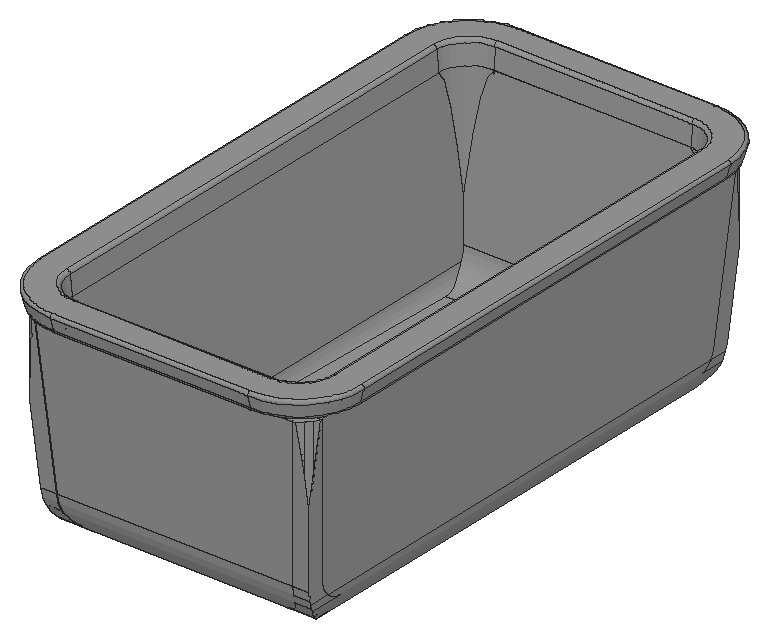
Revit family "Sink_Himacs_CS325R", category Plumbing Fixtures, Revit 2014
Parameters
  Youtube clip = ""
  Width = 202.7 mm
  Weight Net (Kg) = "3,7"
  Uniclass 2.0 Description = "Wash Basin Systems"
  Uniclass 2.0 Code = "SS-35-65-70-94"
  Uniclass 1.4 Description = "Washbasins"
  Uniclass 1.4 Code = "L7212"
  UNSPSC Code = "301815"
  Technical description = "http://himacs.eu/includes/pdf/LG_Hausys_sinks_technical_datasheet_2014.pdf"
  Region South America = "None"
  Region Oceania = "None"
  Region North America = "None"
  Region Middle East = "None"
  Region Europe = "AT, BE, BG, CH, CS, CY, CZ, DE, DK, EE, ES, FI, FR, GB, GR, HR, HU, IE, IT, LI, LT, LU, LV, MC, MT, NL, NO, PL, PT, RO, RS, SE, SK, UA"
  Region Asia = "None"
  Region Antarctica = "None"
  Region Africa = "None"
  QR code = "http://himacs.bimobject.com/CS325R"
  Product group = "Sinks"
  Product family = "Sinks, Baby Baths & Bowls"
  Product data url = "http://himacs.eu/product/cs325r"
  Product certification = ""
  Product SKU = "CS325R"
  Nominal width = "202"
  Nominal height = "144"
  NBS Reference Description = "Wash Basin Systems"
  NBS Reference Code = "35-65-70-94"
  Material Secondary = Steel_Himacs_CS325R_Polished
  Material Main = Natural Acrylic Stone_Himacs_CS325R_S201 Naugat Cream
  Manufacturer name = "HI-MACS"
  Manufacturer country = "Italy"
  Manufacturer URL = "http://himacs.eu/"
  Installation instructions = "http://himacs.eu/includes/pdf/HI-MACS_Shape-Installation_UK.pdf"
  IFC Classification = "Furnishing Element"
  Height = 144.3 mm
  Edition number = "1"
  EAN code = ""
  Design country = "Italy"
  Description = "HI-MACS@ Sinks are produced using a high-quality casting technique. No matter which product you choose from our extensive, eminently combinable selection, all sinks are flush-mounted into the countertop or installed below the surface. Special custom-made creations are also an option."
  Depth = 365 mm
  Date of publishing = "2014-10-09"
  COBIe Type Category = ""
  BIMobject category = "Sanitary"
Reference planes
  plane 1 "Center (Front/Back)": y = 0
  plane 2: z = 0
  plane 3 "Center (Left/Right)": x = 0
  plane 4: x = -101.35
  plane 5: x = 101.35
  plane 6: y = 182.5
  plane 7: y = -182.5
  plane 8: z = 144.3
Dimensions and locks
  equal spacing: plane 4, plane 3 "Center (Left/Right)", plane 5
  "Width": plane 4 to plane 5
  equal spacing: plane 6, plane 1 "Center (Front/Back)", plane 7
  "Depth": plane 6 to plane 7
  "Height": plane 8 to level
  aligned and locked: level to plane 2
Nested families
  nested 1: "CS325R" at (0, 0, 0), type "CS325R"
Definition of nested family "CS325R"
  Parameters (values of type "CS325R")
    Youtube clip = ""
    Width = 202.7 mm
    Weight Net (Kg) = "3,7"
    Uniclass 2.0 Description = "Wash Basin Systems"
    Uniclass 2.0 Code = "SS-35-65-70-94"
    Uniclass 1.4 Description = "Washbasins"
    Uniclass 1.4 Code = "L7212"
    UNSPSC Code = "301815"
    Technical description = "http://himacs.eu/includes/pdf/LG_Hausys_sinks_technical_datasheet_2014.pdf"
    Region South America = "None"
    Region Oceania = "None"
    Region North America = "None"
    Region Middle East = "None"
    Region Europe = "AT, BE, BG, CH, CS, CY, CZ, DE, DK, EE, ES, FI, FR, GB, GR, HR, HU, IE, IT, LI, LT, LU, LV, MC, MT, NL, NO, PL, PT, RO, RS, SE, SK, UA"
    Region Asia = "None"
    Region Antarctica = "None"
    Region Africa = "None"
    QR code = "http://himacs.bimobject.com/CS325R"
    Product group = "Sinks"
    Product family = "Sinks, Baby Baths & Bowls"
    Product data url = "http://himacs.eu/product/cs325r"
    Product certification = ""
    Product SKU = "CS325R"
    Nominal width = "202"
    Nominal height = "144"
    NBS Reference Description = "Wash Basin Systems"
    NBS Reference Code = "35-65-70-94"
    Material Secondary = Steel_Himacs_CS325R_Polished
    Material Main = Natural Acrylic Stone_Himacs_CS325R_S201 Naugat Cream
    Manufacturer name = "HI-MACS"
    Manufacturer country = "Italy"
    Manufacturer URL = "http://himacs.eu/"
    Installation instructions = "http://himacs.eu/includes/pdf/HI-MACS_Shape-Installation_UK.pdf"
    IFC Classification = "Furnishing Element"
    Height = 144.3 mm
    Edition number = "1"
    EAN code = ""
    Design country = "Italy"
    Description = "HI-MACS@ Sinks are produced using a high-quality casting technique. No matter which product you choose from our extensive, eminently combinable selection, all sinks are flush-mounted into the countertop or installed below the surface. Special custom-made creations are also an option."
    Depth = 365 mm
    Date of publishing = "2014-10-09"
    COBIe Type Category = ""
    BIMobject category = "Sanitary"
  Reference planes
    plane 1 "Center (Front/Back)": y = 0
    plane 2: z = 0
    plane 3 "Center (Left/Right)": x = 0
    plane 4: x = -101.35
    plane 5: x = 101.35
    plane 6: y = 182.5
    plane 7: y = -182.5
    plane 8: z = 144.3
    plane 9: z = 14
  Forms (mm)
    Sweep 1, solid, material "Natural Acrylic Stone_Himacs_CS325R_S201 Naugat Cream" <- "Material Main", detail levels fine
      path origin (0, 0, 0) x (1, 0, 0) y (0, 1, 0)
        loop
          arc (-61.35, 182.5) -> (-89.634, 170.784) -> (-101.35, 142.5) r 40
          line (-101.35, 142.5) -> (-101.35, -142.5)
          arc (-101.35, -142.5) -> (-89.634, -170.784) -> (-61.35, -182.5) r 40
          line (-61.35, -182.5) -> (61.35, -182.5)
          arc (61.35, -182.5) -> (89.634, -170.784) -> (101.35, -142.5) r 40
          line (101.35, -142.5) -> (101.35, 142.5)
          arc (101.35, 142.5) -> (89.634, 170.784) -> (61.35, 182.5) r 40
          line (61.35, 182.5) -> (-61.35, 182.5)
      profile origin (0, 182.5, 0) x (0, 1, 0) y (0, 0, 1)
        loop
          line (-1.679, 144.3) -> (-17.556, 144.3)
          arc (-17.556, 144.3) -> (-19.127, 143.689) -> (-19.873, 142.177) r 2.326
          line (-19.873, 142.177) -> (-20.944, 129.939) -> (-11.218, 129.939)
          arc (-11.218, 129.939) -> (-10.143, 132.12) -> (-7.877, 133.001) r 3.354
          line (-7.877, 133.001) -> (-4.024, 133.001)
          arc (-4.024, 133.001) -> (-2.806, 133.414) -> (-2.092, 134.483) r 2
          line (-2.092, 134.483) -> (-0.036, 142.158)
          arc (-0.036, 142.158) -> (-0.329, 143.634) -> (-1.679, 144.3) r 1.702
    Extrusion 2, void
      sketch origin (0, -121.354, 0) x (1, 0, 0) y (0, 1, 0)
        loop
          circle (0.004, 208.699) r 25
      from -4.639 to 24.113
    Revolve 3, solid, material "Steel_Himacs_CS325R_Polished" <- "Material Secondary", detail levels fine
      sketch origin (0.004, -41.65, 4.571) x (0, 0.999891, -0.014769) y (0, 0.014769, 0.999891)
        loop
          line (104.037, 12.01) -> (104.037, -1.853) -> (93.632, -1.853)
          arc (93.632, -1.853) -> (100.206, -3.323) -> (106.942, -3.332) r 30.851
          line (106.942, -3.332) -> (106.942, 10.126) -> (129.023, 10.126) -> (129.023, 12.888) -> (104.037, 12.888)
          arc (104.037, 12.888) -> (103.839, 13.35) -> (103.367, 13.526) r 0.639
          arc (103.367, 13.526) -> (97.293, 12.998) -> (91.276, 12.01) r 80.068
          line (91.276, 12.01) -> (104.037, 12.01)
        axis (129.023, 13.526) -> (129.023, -3.332)
      angle from 0 to 360
    Extrusion 4, void
      sketch origin (0.186, -28.702, 0) x (1, 0, 0) y (0, 1, 0)
        loop
          line (-22, 118.294) -> (-22, 115.713) -> (-2.928, 115.713) -> (-2.928, 118.294) -> (-22, 118.294)
        loop
          line (21.255, 118.294) -> (2.555, 118.294) -> (2.555, 115.713) -> (21.255, 115.713) -> (21.255, 118.294)
        loop
          line (1.104, 137.748) -> (-1.477, 137.748) -> (-1.477, 120.057) -> (1.104, 120.057) -> (1.104, 137.748)
        loop
          line (1.104, 94.582) -> (1.104, 114.262) -> (-1.477, 114.262) -> (-1.477, 94.582) -> (1.104, 94.582)
      from 3.617 to 19.093
    Extrusion 5, solid, material "Natural Acrylic Stone_Himacs_CS325R_S201 Naugat Cream" <- "Material Main", detail levels fine
      sketch origin (0, 0, 0) x (0, 1, 0) y (0, 0, 1)
        loop
          line (161.634, 129.939) -> (153.088, 32.254)
          arc (153.088, 32.254) -> (146.566, 19.152) -> (132.867, 14) r 20
          line (132.867, 14) -> (-133.807, 17.958)
          arc (-133.807, 17.958) -> (-147.131, 23.311) -> (-153.434, 36.213) r 20
          line (-153.434, 36.213) -> (-161.634, 129.939) -> (-171.272, 129.939) -> (-162.663, 31.542)
          arc (-162.663, 31.542) -> (-153.211, 12.191) -> (-133.229, 4.16) r 30
          line (-133.229, 4.16) -> (131.977, 0.167)
          arc (131.977, 0.167) -> (152.529, 7.893) -> (162.314, 27.549) r 30
          line (162.314, 27.549) -> (171.272, 129.939) -> (161.634, 129.939)
      from -101.35 to 101.35
    Extrusion 6, solid, material "Natural Acrylic Stone_Himacs_CS325R_S201 Naugat Cream" <- "Material Main", detail levels fine
      sketch origin (0, 0, 0) x (1, 0, 0) y (0, 0, 1)
        loop
          line (-80.421, 129.939) -> (-90.172, 129.939) -> (-82.712, 23.256)
          arc (-82.712, 23.256) -> (-74.823, 6.716) -> (-57.773, 0) r 25
          line (-57.773, 0) -> (57.773, 0)
          arc (57.773, 0) -> (74.823, 6.716) -> (82.712, 23.256) r 25
          line (82.712, 23.256) -> (90.172, 129.939) -> (80.407, 129.939) -> (72.996, 23.954)
          arc (72.996, 23.954) -> (68.263, 14.03) -> (58.033, 10) r 15
          line (58.033, 10) -> (-58.046, 10)
          arc (-58.046, 10) -> (-68.276, 14.03) -> (-73.01, 23.954) r 15
          line (-73.01, 23.954) -> (-80.421, 129.939)
      from -175.204 to 176.734
    Extrusion 7, void
      sketch origin (0, 0, 0) x (1, 0, 0) y (0, 0, 1)
        loop
          line (-90.735, 138) -> (-102.773, 138) -> (-102.773, -2) -> (-57.773, -2) -> (-57.773, 0)
          arc (-57.773, 0) -> (-74.823, 6.716) -> (-82.712, 23.256) r 25
          line (-82.712, 23.256) -> (-90.735, 138)
        loop
          line (57.773, 0) -> (57.773, -1.704) -> (103.601, -1.704) -> (103.601, 135.757) -> (90.579, 135.757) -> (82.712, 23.256)
          arc (82.712, 23.256) -> (74.823, 6.716) -> (57.773, 0) r 25
      from -185.451 to 182.153
    Extrusion 8, void
      sketch origin (0, 0, 0) x (0, 1, 0) y (0, 0, 1)
        loop
          arc (162.314, 27.549) -> (152.529, 7.893) -> (131.977, 0.167) r 30
          line (131.977, 0.167) -> (-133.229, 4.16)
          arc (-133.229, 4.16) -> (-153.211, 12.191) -> (-162.663, 31.542) r 30
          line (-162.663, 31.542) -> (-171.654, 134.3) -> (-182.5, 134.3) -> (-182.5, -5.7) -> (182.5, -5.7) -> (182.5, 134.3) -> (171.654, 134.3) -> (162.314, 27.549)
      from -94.473 to 105.577
    Extrusion 9, solid, material "Natural Acrylic Stone_Himacs_CS325R_S201 Naugat Cream" <- "Material Main", detail levels fine
      sketch origin (0, 0, 0) x (1, 0, 0) y (0, 1, 0)
        loop
          arc (-80.406, 142.5) -> (-74.825, 155.975) -> (-61.35, 161.556) r 19.056
          line (-61.35, 161.556) -> (-61.35, 162.556)
          arc (-61.35, 162.556) -> (-75.532, 156.682) -> (-81.406, 142.5) r 20.056
          line (-81.406, 142.5) -> (-80.406, 142.5)
        loop
          arc (61.35, 161.556) -> (74.825, 155.975) -> (80.406, 142.5) r 19.056
          line (80.406, 142.5) -> (81.406, 142.5)
          arc (81.406, 142.5) -> (75.532, 156.682) -> (61.35, 162.556) r 20.056
          line (61.35, 162.556) -> (61.35, 161.556)
        loop
          line (-80.406, -142.5) -> (-81.406, -142.5)
          arc (-81.406, -142.5) -> (-75.532, -156.682) -> (-61.35, -162.556) r 20.056
          line (-61.35, -162.556) -> (-61.35, -161.556)
          arc (-61.35, -161.556) -> (-74.825, -155.975) -> (-80.406, -142.5) r 19.056
        loop
          line (61.35, -161.556) -> (61.35, -162.556)
          arc (61.35, -162.556) -> (75.532, -156.682) -> (81.406, -142.5) r 20.056
          line (81.406, -142.5) -> (80.406, -142.5)
          arc (80.406, -142.5) -> (74.825, -155.975) -> (61.35, -161.556) r 19.056
      from 57.847 to 129.939
    Extrusion 10, solid, detail levels coarse
      sketch origin (0, 0, 0) x (1, 0, 0) y (0, 1, 0)
        loop
          line (-101.35, 142.5) -> (-101.35, -142.5)
          arc (-101.35, -142.5) -> (-89.634, -170.784) -> (-61.35, -182.5) r 40
          line (-61.35, -182.5) -> (61.35, -182.5)
          arc (61.35, -182.5) -> (89.634, -170.784) -> (101.35, -142.5) r 40
          line (101.35, -142.5) -> (101.35, 142.5)
          arc (101.35, 142.5) -> (89.634, 170.784) -> (61.35, 182.5) r 40
          line (61.35, 182.5) -> (-61.35, 182.5)
          arc (-61.35, 182.5) -> (-89.634, 170.784) -> (-101.35, 142.5) r 40
      from 0 to 159.641
    Sweep 11, solid, detail levels medium
      path origin (0, 0, 0) x (1, 0, 0) y (0, 1, 0)
        loop
          line (-101.35, 142.5) -> (-101.35, -142.5)
          arc (-101.35, -142.5) -> (-89.634, -170.784) -> (-61.35, -182.5) r 40
          line (-61.35, -182.5) -> (61.35, -182.5)
          arc (61.35, -182.5) -> (89.634, -170.784) -> (101.35, -142.5) r 40
          line (101.35, -142.5) -> (101.35, 142.5)
          arc (101.35, 142.5) -> (89.634, 170.784) -> (61.35, 182.5) r 40
          line (61.35, 182.5) -> (-61.35, 182.5)
          arc (-61.35, 182.5) -> (-89.634, 170.784) -> (-101.35, 142.5) r 40
      profile origin (-101.35, 0, 0) x (1, 0, 0) y (0, 0, 1)
        loop
          line (0, 0) -> (15, 0) -> (15, 150) -> (0, 150) -> (0, 0)
    Extrusion 12, solid, detail levels medium
      sketch origin (0, 0, 0) x (1, 0, 0) y (0, 1, 0)
        loop
          line (-86.35, 142.5) -> (-86.35, -142.5)
          arc (-86.35, -142.5) -> (-79.028, -160.178) -> (-61.35, -167.5) r 25
          line (-61.35, -167.5) -> (61.35, -167.5)
          arc (61.35, -167.5) -> (79.028, -160.178) -> (86.35, -142.5) r 25
          line (86.35, -142.5) -> (86.35, 142.5)
          arc (86.35, 142.5) -> (79.028, 160.178) -> (61.35, 167.5) r 25
          line (61.35, 167.5) -> (-61.35, 167.5)
          arc (-61.35, 167.5) -> (-79.028, 160.178) -> (-86.35, 142.5) r 25
      from 0 to 10
    Extrusion 13, void
      sketch origin (-3.75, 5.625, 0) x (1, 0, 0) y (0, 1, 0)
        loop
          line (-61.35, 171.282) -> (-61.35, 176.282) -> (-94.061, 176.282) -> (-94.061, 142.5) -> (-90.132, 142.5)
          arc (-90.132, 142.5) -> (-81.702, 162.852) -> (-61.35, 171.282) r 28.782
        loop
          arc (68.85, 171.282) -> (89.202, 162.852) -> (97.632, 142.5) r 28.782
          line (97.632, 142.5) -> (101.561, 142.5) -> (101.561, 176.282) -> (68.85, 176.282) -> (68.85, 171.282)
        loop
          arc (-61.35, -182.532) -> (-81.702, -174.102) -> (-90.132, -153.75) r 28.782
          line (-90.132, -153.75) -> (-94.061, -153.75) -> (-94.061, -187.532) -> (-61.35, -187.532) -> (-61.35, -182.532)
        loop
          line (68.85, -182.532) -> (68.85, -187.532) -> (101.561, -187.532) -> (101.561, -153.75) -> (97.632, -153.75)
          arc (97.632, -153.75) -> (89.202, -174.102) -> (68.85, -182.532) r 28.782
      from 60.974 to 138.743
  Cuts and joins
    Extrusion 2, Extrusion 7, Extrusion 13 cuts Extrusion 5
    Extrusion 7, Extrusion 8, Extrusion 13 cuts Extrusion 6
    Extrusion 4 cuts Revolve 3
  Lines and regions (mm)
    symbolic lines
      curve 1: line (-61.35, -182.5, 0) -> (61.35, -182.5, 0)
      curve 2: line (-101.35, 142.5, 0) -> (-101.35, -142.5, 0)
      curve 3: line (61.35, 182.5, 0) -> (-61.35, 182.5, 0)
      curve 4: line (101.35, -142.5, 0) -> (101.35, 142.5, 0)
      curve 5: arc (-101.35, 142.5, 0) -> (-89.634, 170.784, 0) -> (-61.35, 182.5, 0) r 40
      curve 6: arc (61.35, 182.5, 0) -> (89.634, 170.784, 0) -> (101.35, 142.5, 0) r 40
      curve 7: arc (-101.35, -142.5, 0) -> (-89.634, -170.784, 0) -> (-61.35, -182.5, 0) r 40
      curve 8: arc (61.35, -182.5, 0) -> (89.634, -170.784, 0) -> (101.35, -142.5, 0) r 40
      curve 17: spline (0.004, 125.279, 0) -> (9.774, 123.993, 0) -> (18.878, 120.222, 0) -> (26.696, 114.224, 0) -> (32.694, 106.408, 0) -> (36.465, 97.305, 0) -> (37.751, 87.536, 0) -> (36.465, 77.767, 0) -> (32.694, 68.665, 0) -> (26.696, 60.848, 0) -> (18.878, 54.85, 0) -> (9.774, 51.079, 0) -> (0.004, 49.793, 0)
      curve 18: spline (0.004, 49.793, 0) -> (-9.765, 51.079, 0) -> (-18.869, 54.85, 0) -> (-26.687, 60.848, 0) -> (-32.686, 68.665, 0) -> (-36.457, 77.767, 0) -> (-37.743, 87.536, 0) -> (-36.457, 97.305, 0) -> (-32.686, 106.408, 0) -> (-26.687, 114.224, 0) -> (-18.869, 120.222, 0) -> (-9.765, 123.993, 0) -> (0.004, 125.279, 0)
      curve 37: line (-99.652, 0, 144.3) -> (99.652, 0, 144.3)
      curve 38: line (-99.279, 0, 134.519) -> (-101.318, 0, 142.129)
      curve 39: line (-93.403, 0, 132.966) -> (-97.255, 0, 132.966)
      curve 40: line (-90.173, 0, 129.953) -> (-82.712, 0, 23.256)
      curve 41: arc (-82.712, 0, 23.256) -> (-75.957, 0, 7.844) -> (-60.964, 0, 0.204) r 25
      curve 42: arc (-97.255, 0, 132.966) -> (-98.53, 0, 133.399) -> (-99.279, 0, 134.519) r 2.096
      curve 43: arc (-101.318, 0, 142.129) -> (-101.02, 0, 143.625) -> (-99.652, 0, 144.3) r 1.724
      curve 44: arc (-90.173, 0, 129.953) -> (-91.195, 0, 132.096) -> (-93.403, 0, 132.966) r 3.238
      curve 45: line (99.279, 0, 134.519) -> (101.318, 0, 142.129)
      curve 46: line (93.403, 0, 132.966) -> (97.255, 0, 132.966)
      curve 47: line (90.173, 0, 129.953) -> (82.712, 0, 23.256)
      curve 48: arc (82.712, 0, 23.256) -> (75.957, 0, 7.844) -> (60.964, 0, 0.204) r 25
      curve 49: arc (97.255, 0, 132.966) -> (98.53, 0, 133.399) -> (99.279, 0, 134.519) r 2.096
      curve 50: arc (101.318, 0, 142.129) -> (101.02, 0, 143.625) -> (99.652, 0, 144.3) r 1.724
      curve 51: arc (90.173, 0, 129.953) -> (91.195, 0, 132.096) -> (93.403, 0, 132.966) r 3.238
      curve 52: line (-60.964, 0, 0.204) -> (60.964, 0, 0.204)
      curve 54: line (0, 180.792, 144.3) -> (0, -180.792, 144.3)
      curve 55: line (0, 180.463, 134.638) -> (0, 182.467, 142.116)
      curve 56: line (0, 174.64, 133.018) -> (0, 178.352, 133.018)
      curve 57: line (0, 171.282, 129.94) -> (0, 162.13, 25.339)
      curve 58: arc (0, 162.13, 25.339) -> (0, 151.716, 7.167) -> (0, 131.977, 0.167) r 30.144
      curve 59: line (0, 131.977, 0.167) -> (0, -133.229, 4.16)
      curve 60: arc (0, -133.229, 4.16) -> (0, -153.211, 12.191) -> (0, -162.663, 31.542) r 30
      curve 61: line (0, -162.663, 31.542) -> (0, -171.272, 129.941)
      curve 62: arc (0, 182.467, 142.116) -> (0, 182.168, 143.621) -> (0, 180.792, 144.3) r 1.735
      curve 63: arc (0, 178.352, 133.018) -> (0, 179.683, 133.469) -> (0, 180.463, 134.638) r 2.186
      curve 64: arc (0, 171.282, 129.94) -> (0, 172.363, 132.132) -> (0, 174.64, 133.018) r 3.371
      curve 65: line (0, -180.463, 134.638) -> (0, -182.467, 142.116)
      curve 66: line (0, -174.64, 133.018) -> (0, -178.352, 133.018)
      curve 67: arc (0, -182.467, 142.116) -> (0, -182.168, 143.621) -> (0, -180.792, 144.3) r 1.735
      curve 68: arc (0, -178.352, 133.018) -> (0, -179.683, 133.469) -> (0, -180.463, 134.638) r 2.186
      curve 69: arc (0, -171.282, 129.94) -> (0, -172.363, 132.132) -> (0, -174.64, 133.018) r 3.371
    symbolic lines, detail levels medium+fine
      curve 9: line (61.35, 162.5, 0) -> (-61.35, 162.5, 0)
      curve 10: arc (-61.35, 162.5, 0) -> (-75.492, 156.642, 0) -> (-81.35, 142.5, 0) r 20
      curve 11: line (-81.35, 142.5, 0) -> (-81.35, -142.5, 0)
      curve 12: arc (-81.35, -142.5, 0) -> (-75.492, -156.642, 0) -> (-61.35, -162.5, 0) r 20
      curve 13: line (-61.35, -162.5, 0) -> (61.35, -162.5, 0)
      curve 14: arc (61.35, -162.5, 0) -> (75.492, -156.642, 0) -> (81.35, -142.5, 0) r 20
      curve 15: line (81.35, -142.5, 0) -> (81.35, 142.5, 0)
      curve 16: arc (81.35, 142.5, 0) -> (75.492, 156.642, 0) -> (61.35, 162.5, 0) r 20
      curve 19: arc (25.004, 87.345, 0) -> (0.004, 112.345, 0) -> (-24.996, 87.345, 0) r 25
      curve 20: arc (-24.996, 87.345, 0) -> (0.004, 62.345, 0) -> (25.004, 87.345, 0) r 25
      curve 53: line (-93.403, 0, 132.966) -> (93.403, 0, 132.966)
      curve 70: line (0, 174.64, 133.018) -> (0, -174.64, 133.018)
    symbolic lines, detail levels fine
      curve 21: line (-21.814, 89.593, 0) -> (-2.742, 89.593, 0)
      curve 22: line (-2.742, 89.593, 0) -> (-2.742, 87.011, 0)
      curve 23: line (-2.742, 87.011, 0) -> (-21.814, 87.011, 0)
      curve 24: line (-21.814, 87.011, 0) -> (-21.814, 89.593, 0)
      curve 25: line (1.29, 91.356, 0) -> (1.29, 109.046, 0)
      curve 26: line (1.29, 109.046, 0) -> (-1.292, 109.046, 0)
      curve 27: line (-1.292, 109.046, 0) -> (-1.292, 91.356, 0)
      curve 28: line (-1.292, 91.356, 0) -> (1.29, 91.356, 0)
      curve 29: line (1.29, 65.88, 0) -> (1.29, 85.56, 0)
      curve 30: line (1.29, 85.56, 0) -> (-1.292, 85.56, 0)
      curve 31: line (-1.292, 85.56, 0) -> (-1.292, 65.88, 0)
      curve 32: line (-1.292, 65.88, 0) -> (1.29, 65.88, 0)
      curve 33: line (2.74, 87.011, 0) -> (21.44, 87.011, 0)
      curve 34: line (2.74, 89.593, 0) -> (2.74, 87.011, 0)
      curve 35: line (21.44, 89.593, 0) -> (2.74, 89.593, 0)
      curve 36: line (21.44, 87.011, 0) -> (21.44, 89.593, 0)
  Dimensions and locks
    equal spacing: plane 4, plane 3 "Center (Left/Right)", plane 5
    "Width": plane 4 to plane 5
    equal spacing: plane 6, plane 1 "Center (Front/Back)", plane 7
    "Depth": plane 6 to plane 7
    "Height": plane 8 to level
    aligned and locked: level to plane 2
  Automatic sketch dimensions
    Sweep 1 sketch curve to plane 4 = 0 mm
    Sweep 1 sketch curve to plane 7 = 0 mm
    Sweep 1 sketch curve to plane 6 = 0 mm
    Sweep 1 sketch curve to plane 5 = 0 mm
    plane 3 "Center (Left/Right)" to Extrusion 2 sketch curve = 0.004 mm
    Extrusion 4 sketch curve to plane 3 "Center (Left/Right)" = 21.814 mm
    Extrusion 4 sketch curve to plane 3 "Center (Left/Right)" = 2.742 mm
    Extrusion 4 sketch curve to plane 3 "Center (Left/Right)" = 1.292 mm  (x2)
    plane 3 "Center (Left/Right)" to Extrusion 4 sketch curve = 1.29 mm  (x2)
    Extrusion 4 sketch curve to Extrusion 4 sketch curve = 1.451 mm  (x3)
    Extrusion 4 sketch curve to Extrusion 4 sketch curve = 18.7 mm
    Extrusion 4 sketch curve to Extrusion 4 sketch curve = 19.68 mm
    Extrusion 4 sketch curve to Extrusion 4 sketch curve = 2.582 mm  (x2)
    Extrusion 4 sketch curve to Extrusion 4 sketch curve = 1.763 mm
    Extrusion 4 sketch curve to Extrusion 4 sketch curve = 17.691 mm
    Extrusion 2 sketch curve to plane 1 "Center (Front/Back)" = 87.345 mm
    Extrusion 4 sketch curve to plane 1 "Center (Front/Back)" = 65.88 mm
    plane 4 to Sweep 1 sketch curve = 40 mm  (x2)
    Sweep 1 sketch curve to plane 5 = 40 mm
    Sweep 1 sketch curve to Sweep 1 sketch curve = 40 mm
    Extrusion 6 sketch curve to Extrusion 6 sketch curve = 0.26 mm
    Extrusion 6 sketch curve to Extrusion 6 sketch curve = 0 mm
    Extrusion 6 sketch curve to level = 0 mm
    plane 4 to Extrusion 6 sketch curve = 11.178 mm
    plane 4 to Extrusion 6 sketch curve = 18.638 mm
    Extrusion 6 sketch curve to Extrusion 6 sketch curve = 9.751 mm
    Extrusion 6 sketch curve to Extrusion 6 sketch curve = 9.702 mm
    Extrusion 6 sketch curve to Extrusion 6 sketch curve = 15.237 mm
    Extrusion 6 sketch curve to Extrusion 6 sketch curve = 0.273 mm
    Extrusion 6 sketch curve to plane 5 = 43.577 mm
    Extrusion 6 sketch curve to Extrusion 6 sketch curve = 14.963 mm
    Extrusion 6 sketch curve to Extrusion 6 sketch curve = 9.716 mm
    level to Extrusion 6 sketch curve = 10 mm
    level to Extrusion 6 sketch curve = 23.256 mm  (x2)
    Extrusion 6 sketch curve to Extrusion 6 sketch curve = 0.698 mm
    Extrusion 6 sketch curve to plane 8 = 14.361 mm  (x2)
    Extrusion 6 sketch curve to plane 5 = 20.943 mm
    Extrusion 6 sketch curve to Extrusion 6 sketch curve = 9.764 mm
    profile plane to Sweep 1 sketch curve = 19.873 mm
    Sweep 1 sketch curve to Sweep 1 sketch curve = 2.317 mm
    Sweep 1 sketch curve to Sweep 1 sketch curve = 3.853 mm
    Sweep 1 sketch curve to Sweep 1 sketch curve = 1.932 mm
    profile plane to Sweep 1 sketch curve = 1.679 mm
    profile plane to Sweep 1 sketch curve = 0.036 mm
    plane 9 to Sweep 1 sketch curve = 115.647 mm
    Sweep 1 sketch curve to Sweep 1 sketch curve = 1.482 mm
    Sweep 1 sketch curve to Sweep 1 sketch curve = 8.973 mm
    Sweep 1 sketch curve to Sweep 1 sketch curve = 7.675 mm
    Sweep 1 sketch curve to Sweep 1 sketch curve = 0.203 mm
    Sweep 1 sketch curve to Sweep 1 sketch curve = 1.071 mm
    Sweep 1 sketch curve to Sweep 1 sketch curve = 9.726 mm
    Sweep 1 sketch curve to Sweep 1 sketch curve = 3.341 mm
    Sweep 1 sketch curve to Sweep 1 sketch curve = 0.292 mm
    Extrusion 5 sketch curve to Extrusion 5 sketch curve = 9.229 mm
    level to Extrusion 5 sketch curve = 17.958 mm
    Extrusion 5 sketch curve to Extrusion 5 sketch curve = 19.627 mm
    Extrusion 5 sketch curve to Extrusion 5 sketch curve = 19.924 mm  (x2)
    level to Extrusion 5 sketch curve = 4.16 mm
    Extrusion 5 sketch curve to Extrusion 5 sketch curve = 0.578 mm
    Extrusion 5 sketch curve to Extrusion 5 sketch curve = 0.733 mm
    level to Extrusion 5 sketch curve = 0.167 mm
    Extrusion 5 sketch curve to Extrusion 5 sketch curve = 0.452 mm
    level to Extrusion 5 sketch curve = 14 mm
    Extrusion 5 sketch curve to Extrusion 5 sketch curve = 0.891 mm
    Extrusion 5 sketch curve to Extrusion 5 sketch curve = 0.736 mm
    level to Extrusion 5 sketch curve = 27.549 mm
    Extrusion 5 sketch curve to Extrusion 5 sketch curve = 13.583 mm
    Extrusion 5 sketch curve to Extrusion 5 sketch curve = 4.705 mm
    Extrusion 5 sketch curve to Extrusion 5 sketch curve = 4.671 mm
    Extrusion 5 sketch curve to plane 8 = 14.361 mm  (x2)
    Extrusion 7 sketch curve to level = 0 mm  (x2)
    Extrusion 7 sketch curve to plane 4 = 1.423 mm
    Extrusion 7 sketch curve to level = 2 mm
    Extrusion 7 sketch curve to level = 1.704 mm
    plane 5 to Extrusion 7 sketch curve = 2.251 mm
    level to Extrusion 7 sketch curve = 23.256 mm  (x2)
    Extrusion 7 sketch curve to plane 8 = 6.3 mm
    Extrusion 7 sketch curve to plane 8 = 8.543 mm
    Extrusion 8 sketch curve to plane 7 = 0 mm
    Extrusion 8 sketch curve to plane 6 = 0 mm
    level to Extrusion 8 sketch curve = 4.16 mm
    Extrusion 8 sketch curve to Extrusion 8 sketch curve = 0.452 mm  (x2)
    level to Extrusion 8 sketch curve = 0.167 mm
    Extrusion 8 sketch curve to level = 5.7 mm
    level to Extrusion 8 sketch curve = 27.549 mm
    level to Extrusion 8 sketch curve = 31.542 mm
    Extrusion 8 sketch curve to plane 8 = 10 mm  (x2)
    level to Revolve 3 sketch curve = 15.232 mm
    Revolve 3 sketch curve to plane 1 "Center (Front/Back)" = 49.793 mm
    Revolve 3 sketch curve to Revolve 3 sketch curve = 2.357 mm
    Revolve 3 sketch curve to Revolve 3 sketch curve = 0.217 mm
    Revolve 3 sketch curve to Revolve 3 sketch curve = 10.404 mm
    Revolve 3 sketch curve to Revolve 3 sketch curve = 2.906 mm
    Revolve 3 sketch curve to Revolve 3 sketch curve = 0.31 mm
    Revolve 3 sketch curve to Revolve 3 sketch curve = 22.08 mm
    Revolve 3 sketch curve to Revolve 3 sketch curve = 1.884 mm
    Revolve 3 sketch curve to Revolve 3 sketch curve = 11.979 mm
    Revolve 3 sketch curve to Revolve 3 sketch curve = 1.48 mm
    Revolve 3 sketch curve to Revolve 3 sketch curve = 2.762 mm
    Revolve 3 sketch curve to Revolve 3 sketch curve = 0.031 mm
    Revolve 3 sketch curve to Revolve 3 sketch curve = 0 mm  (x2)
    Revolve 3 sketch curve to Revolve 3 sketch curve = 0.639 mm
    Revolve 3 sketch curve to Revolve 3 sketch curve = 0.447 mm
    Revolve 3 sketch curve to Revolve 3 sketch curve = 1.397 mm
    curve 5 to curve 10 = 0 mm  (x4)
    curve 6 to curve 16 = 0 mm  (x4)
    curve 7 to curve 12 = 0 mm  (x4)
    curve 8 to curve 14 = 0 mm  (x3)
    curve 3 to plane 6 = 0 mm
    curve 12 to curve 12 = 20 mm
    curve 17 to plane 3 "Center (Left/Right)" = 37.743 mm
    curve 18 to curve 17 = 0 mm
    plane 3 "Center (Left/Right)" to curve 17 = 0.004 mm
    curve 18 to plane 1 "Center (Front/Back)" = 49.793 mm
    curve 18 to curve 17 = 37.743 mm
    plane 3 "Center (Left/Right)" to curve 20 = 0.004 mm
    curve 20 to curve 17 = 0.191 mm
    curve 17 to curve 20 = 12.747 mm
    curve 19 to curve 23 = 3.181 mm
    curve 23 to plane 3 "Center (Left/Right)" = 2.742 mm
    curve 23 to curve 19 = 0.334 mm
    curve 22 to curve 22 = 2.582 mm
    plane 3 "Center (Left/Right)" to curve 26 = 1.29 mm
    curve 25 to curve 17 = 16.233 mm
    curve 26 to plane 3 "Center (Left/Right)" = 1.292 mm
    curve 21 to curve 27 = 1.763 mm
    plane 3 "Center (Left/Right)" to curve 30 = 1.29 mm
    curve 30 to curve 20 = 1.785 mm
    curve 30 to plane 3 "Center (Left/Right)" = 1.292 mm
    curve 17 to curve 29 = 16.087 mm
    curve 29 to curve 33 = 1.451 mm  (x2)
    curve 33 to curve 20 = 3.564 mm
    curve 34 to curve 25 = 1.763 mm
    curve 5 to plane 4 = 0 mm
    Extrusion 5 sketch curve to plane 6 = 50.523 mm
    Extrusion 5 sketch curve to Extrusion 5 sketch curve = 9.226 mm
    Extrusion 5 sketch curve to plane 6 = 20.866 mm
    Extrusion 5 sketch curve to Extrusion 5 sketch curve = 9.638 mm  (x2)
    Extrusion 8 sketch curve to plane 6 = 50.523 mm
    Extrusion 8 sketch curve to plane 6 = 20.186 mm
    Extrusion 8 sketch curve to Extrusion 8 sketch curve = 10.846 mm
    Extrusion 9 sketch curve to plane 6 = 40 mm  (x2)
    curve 1 to plane 7 = 0 mm
    plane 7 to Extrusion 5 sketch curve = 49.722 mm
    plane 7 to Extrusion 5 sketch curve = 20.866 mm
    plane 7 to Extrusion 8 sketch curve = 10.846 mm
    plane 7 to Extrusion 8 sketch curve = 19.837 mm
    Extrusion 8 sketch curve to Extrusion 8 sketch curve = 29.434 mm
    plane 7 to Extrusion 9 sketch curve = 40 mm  (x2)
    curve 6 to plane 5 = 0 mm
    curve 6 to curve 15 = 20 mm
    curve 14 to curve 14 = 20 mm
    Extrusion 7 sketch curve to plane 5 = 43.577 mm
    Extrusion 7 sketch curve to plane 5 = 18.638 mm
    Extrusion 7 sketch curve to plane 5 = 10.771 mm
    Extrusion 9 sketch curve to plane 6 = 20.944 mm
    Extrusion 9 sketch curve to plane 5 = 40 mm  (x2)
    Extrusion 9 sketch curve to Extrusion 9 sketch curve = 19.056 mm  (x3)
    Extrusion 9 sketch curve to Extrusion 9 sketch curve = 1 mm  (x4)
    curve 7 to curve 11 = 20 mm
    plane 4 to curve 3 = 40 mm
    plane 4 to Extrusion 7 sketch curve = 10.615 mm
    plane 4 to Extrusion 7 sketch curve = 18.638 mm
    Extrusion 7 sketch curve to Extrusion 7 sketch curve = 24.939 mm
    Extrusion 9 sketch curve to Extrusion 9 sketch curve = 0 mm  (x2)
    plane 4 to Extrusion 9 sketch curve = 40 mm  (x2)
    curve 37 to plane 8 = 0 mm
    plane 4 to curve 38 = 0.032 mm
    plane 4 to curve 37 = 1.698 mm
    plane 4 to curve 38 = 2.071 mm
    curve 42 to curve 42 = 2.024 mm
    curve 39 to curve 39 = 3.852 mm
    curve 44 to curve 40 = 3.23 mm
    plane 4 to curve 40 = 18.638 mm
    level to curve 52 = 0.204 mm
    curve 40 to curve 52 = 21.748 mm
    curve 41 to curve 41 = 24.939 mm
    curve 48 to plane 5 = 43.577 mm
    curve 48 to curve 52 = 3.191 mm
    curve 47 to plane 5 = 18.638 mm
    curve 47 to plane 5 = 11.177 mm
    curve 47 to curve 46 = 3.23 mm
    curve 46 to curve 46 = 3.852 mm
    curve 45 to plane 5 = 2.071 mm
    curve 50 to plane 5 = 1.698 mm
    curve 45 to plane 5 = 0.032 mm
    level to curve 47 = 23.256 mm
    level to curve 40 = 23.256 mm
    curve 44 to plane 8 = 14.572 mm
    curve 51 to curve 47 = 0.226 mm
    curve 44 to curve 40 = 0.226 mm
    curve 39 to curve 38 = 1.553 mm
    curve 49 to curve 45 = 1.553 mm
    curve 38 to plane 8 = 2.171 mm
    curve 45 to plane 8 = 2.171 mm
    curve 54 to plane 8 = 0 mm
    plane 7 to curve 65 = 0.033 mm
    plane 7 to curve 67 = 1.708 mm
    plane 7 to curve 65 = 2.037 mm
    curve 68 to curve 66 = 2.112 mm
    curve 66 to curve 66 = 3.712 mm
    plane 7 to curve 61 = 19.837 mm
    level to curve 59 = 4.16 mm
    curve 60 to curve 59 = 29.434 mm
    curve 59 to curve 60 = 0.452 mm
    level to curve 59 = 0.167 mm
    curve 59 to plane 6 = 50.523 mm
    curve 58 to curve 58 = 0.422 mm
    curve 57 to plane 6 = 20.37 mm
    curve 57 to plane 6 = 11.218 mm
    curve 64 to curve 56 = 3.358 mm
    curve 63 to plane 6 = 4.148 mm
    curve 55 to plane 6 = 2.037 mm
    curve 62 to plane 6 = 1.708 mm
    curve 55 to plane 6 = 0.033 mm
    level to curve 57 = 25.339 mm
    level to curve 61 = 31.542 mm
    curve 64 to plane 8 = 14.653 mm
    curve 64 to curve 57 = 0.294 mm
    curve 69 to curve 66 = 3.371 mm
    curve 68 to curve 65 = 1.62 mm
    curve 63 to curve 55 = 1.62 mm
    curve 55 to plane 8 = 2.184 mm
    curve 65 to plane 8 = 2.184 mm
    curve 69 to curve 69 = 3.358 mm
    curve 69 to curve 61 = 0.01 mm
    curve 69 to curve 61 = 0.001 mm
    Extrusion 10 sketch curve to plane 4 = 0 mm
    Extrusion 10 sketch curve to plane 7 = 0 mm
    Extrusion 10 sketch curve to plane 6 = 0 mm
    Extrusion 10 sketch curve to plane 5 = 0 mm
    plane 4 to Extrusion 10 sketch curve = 40 mm  (x2)
    Extrusion 10 sketch curve to plane 5 = 40 mm  (x2)
    Sweep 11 sketch curve to plane 4 = 0 mm
    Sweep 11 sketch curve to plane 7 = 0 mm
    Sweep 11 sketch curve to plane 6 = 0 mm
    Sweep 11 sketch curve to plane 5 = 0 mm
    plane 4 to Sweep 11 sketch curve = 40 mm  (x2)
    Sweep 11 sketch curve to plane 5 = 40 mm  (x2)
    profile plane to Sweep 11 sketch curve = 0 mm
    Sweep 11 sketch curve to level = 0 mm
    Sweep 11 sketch curve to profile plane = 15 mm
    level to Sweep 11 sketch curve = 150 mm
    plane 4 to Extrusion 12 sketch curve = 15 mm
    Extrusion 12 sketch curve to Extrusion 12 sketch curve = 25 mm  (x2)
    Extrusion 12 sketch curve to plane 5 = 40 mm  (x2)
    Extrusion 12 sketch curve to plane 5 = 15 mm
    plane 7 to Extrusion 12 sketch curve = 15 mm
    Extrusion 12 sketch curve to plane 6 = 40 mm
    plane 4 to Extrusion 13 sketch curve = 3.539 mm  (x2)
    Extrusion 13 sketch curve to Extrusion 13 sketch curve = 3.929 mm  (x2)
    Extrusion 13 sketch curve to plane 6 = 0.593 mm  (x2)
    Extrusion 13 sketch curve to Extrusion 13 sketch curve = 32.711 mm  (x2)
    plane 7 to Extrusion 13 sketch curve = 0.593 mm  (x2)
    Extrusion 13 sketch curve to plane 5 = 36.25 mm  (x2)
    Extrusion 13 sketch curve to plane 5 = 7.468 mm  (x2)
    Extrusion 13 sketch curve to plane 5 = 3.539 mm  (x2)
    Extrusion 13 sketch curve to Extrusion 13 sketch curve = 5 mm  (x2)
    Extrusion 13 sketch curve to Extrusion 13 sketch curve = 33.782 mm  (x2)
    radius of Extrusion 2 sketch curve = 25 mm
